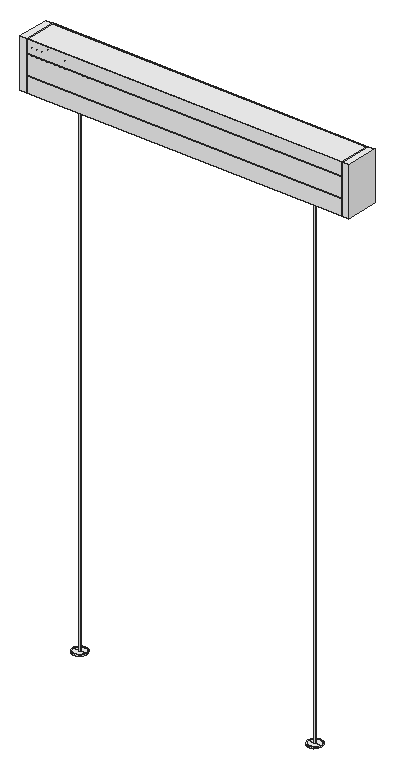
Revit family "2.3 inch  MAGIC WALL WASH LINEAR LIGHT", category Lighting Fixtures, host Face, Revit 2020 (continued)
Types (17): name | Wattage Comments | Wattage | Wall Mount | Suspenders Distance | Surface Mount | Recessed Mount | Photometric Web File | Pendent Mount | Order number | built-in parameter 1150142 | Model | built-in parameter 1150105 | Lumens | Light Source Height | Light Source Distance | built-in parameter 1150106 | Fixture Length
  MAG1223-SW1-RSM-WD-FDL | "20W/30W/40W" | 30.9677 W | no | 3' - 5" | no | yes | "MAG1223_SW1_FDL_DOWN100_4000K_wall_wash.IES" | no | "18380" | "IESNA:LM-63-2002\r\n[TEST] 1\r\n[TESTLAB] EVERFINE\r\n[TESTDATE] 2024-04-01\r\n[ISSUEDATE] 2024-04-01 13:34:23\r\n[NEARFIELD] \r\n[LAMPPOSITION] 0,0\r\n[OTHER] EVERFINE GO-2000B_V1 SYSTEM\r\n[MANUFAC] Aboveall lighting\r\n[LUMINAIRE] MAG1223-SW1-FDL DOWN100 4000K wall wash\r\n[OTHER] \r\n[OTHER] Gamma(deg)    Fz(lm)      Ft(lm)     %Lum    %Lamp\r\n[OTHER]   0- 10       167.95      167.95     3.72     3.72\r\n[OTHER]  10- 20       474.91      642.86    14.25    14.25\r\n[OTHER]  20- 30       707.42     1350.28    29.93    29.93\r\n[OTHER]  30- 40       842.39     2192.67    48.60    48.60\r\n[OTHER]  40- 50       840.60     3033.27    67.23    67.23\r\n[OTHER]  50- 60       688.20     3721.47    82.49    82.49\r\n[OTHER]  60- 70       459.05     4180.52    92.66    92.66\r\n[OTHER]  70- 80       234.51     4415.03    97.86    97.86\r\n[OTHER]  80- 90        72.72     4487.75    99.47    99.47\r\n[OTHER]  90-100         5.55     4493.30    99.59    99.59\r\n[OTHER] 100-110         3.22     4496.51    99.66    99.66\r\n[OTHER] 110-120         3.24     4499.76    99.74    99.74\r\n[OTHER] 120-130         3.07     4502.83    99.80    99.80\r\n[OTHER] 130-140         2.88     4505.71    99.87    99.87\r\n[OTHER] 140-150         2.49     4508.20    99.92    99.92\r\n[OTHER] 150-160         1.88     4510.09    99.97    99.97\r\n[OTHER] 160-170         1.17     4511.25    99.99    99.99\r\n[OTHER] 170-180         0.39     4511.65   100.00   100.00\r\n[OTHER] \r\nTILT=NONE\r\n1 -1 1 361 73 1 2 0.060 1.200 0.000\r\n1.000 1 40.2\r\n0.0    0.5    1.0    1.5    2.0    2.5    3.0    3.5    4.0    4.5    \r\n 5.0    5.5    6.0    6.5    7.0    7.5    8.0    8.5    9.0    9.5    \r\n 10.0   10.5   11.0   11.5   12.0   12.5   13.0   13.5   14.0   14.5   \r\n 15.0   15.5   16.0   16.5   17.0   17.5   18.0   18.5   19.0   19.5   \r\n 20.0   20.5   21.0   21.5   22.0   22.5   23.0   23.5   24.0   24.5   \r\n 25.0   25.5   26.0   26.5   27.0   27.5   28.0   28.5   29.0   29.5   \r\n 30.0   30.5   31.0   31.5   32.0   32.5   33.0   33.5   34.0   34.5   \r\n 35.0   35.5   36.0   36.5   37.0   37.5   38.0   38.5   39.0   39.5   \r\n 40.0   40.5   41.0   41.5   42.0   42.5   43.0   43.5   44.0   44.5   \r\n 45.0   45.5   46.0   46.5   47.0   47.5   48.0   48.5   49.0   49.5   \r\n 50.0   50.5   51.0   51.5   52.0   52.5   53.0   53.5   54.0   54.5   \r\n 55.0   55.5   56.0   56.5   57.0   57.5   58.0   58.5   59.0   59.5   \r\n 60.0   60.5   61.0   61.5   62.0   62.5   63.0   63.5   64.0   64.5   \r\n 65.0   65.5   66.0   66.5   67.0   67.5   68.0   68.5   69.0   69.5   \r\n 70.0   70.5   71.0   71.5   72.0   72.5   73.0   73.5   74.0   74.5   \r\n 75.0   75.5   76.0   76.5   77.0   77.5   78.0   78.5   79.0   79.5   \r\n 80.0   80.5   81.0   81.5   82.0   82.5   83.0   83.5   84.0   84.5   \r\n 85.0   85.5   86.0   86.5   87.0   87.5   88.0   88.5   89.0   89.5   \r\n 90.0   90.5   91.0   91.5   92.0   92.5   93.0   93.5   94.0   94.5   \r\n 95.0   95.5   96.0   96.5   97.0   97.5   98.0   98.5   99.0   99.5   \r\n 100.0  100.5  101.0  101.5  102.0  102.5  103.0  103.5  104.0  104.5  \r\n 105.0  105.5  106.0  106.5  107.0  107.5  108.0  108.5  109.0  109.5  \r\n 110.0  110.5  111.0  111.5  112.0  112.5  113.0  113.5  114.0  114.5  \r\n 115.0  115.5  116.0  116.5  117.0  117.5  118.0  118.5  119.0  119.5  \r\n 120.0  120.5  121.0  121.5  122.0  122.5  123.0  123.5  124.0  124.5  \r\n 125.0  125.5  126.0  126.5  127.0  127.5  128.0  128.5  129.0  129.5  \r\n 130.0  130.5  131.0  131.5  132.0  132.5  133.0  133.5  134.0  134.5  \r\n 135.0  135.5  136.0  136.5  137.0  137.5  138.0  138.5  139.0  139.5  \r\n 140.0  140.5  141.0  141.5  142.0  142.5  143.0  143.5  144.0  144.5  \r\n 145.0  145.5  146.0  146.5  147.0  147.5  148.0  148.5  149.0  149.5  \r\n 150.0  150.5  151.0  151.5  152.0  152.5  153.0  153.5  154.0  154.5  \r\n 155.0  155.5  156.0  156.5  157.0  157.5  158.0  158.5  159.0  159.5  \r\n 160.0  160.5  161.0  161.5  162.0  162.5  163.0  163.5  164.0  164.5  \r\n 165.0  165.5  166.0  166.5  167.0  167.5  168.0  168.5  169.0  169.5  \r\n 170.0  170.5  171.0  171.5  172.0  172.5  173.0  173.5  174.0  174.5  \r\n 175.0  175.5  176.0  176.5  177.0  177.5  178.0  178.5  179.0  179.5  \r\n 180.0  \r\n0.0    5.0    10.0   15.0   20.0   25.0   30.0   35.0   40.0   45.0   \r\n 50.0   55.0   60.0   65.0   70.0   75.0   80.0   85.0   90.0   95.0   \r\n 100.0  105.0  110.0  115.0  120.0  125.0  130.0  135.0  140.0  145.0  \r\n 150.0  155.0  160.0  165.0  170.0  175.0  180.0  185.0  190.0  195.0  \r\n 200.0  205.0  210.0  215.0  220.0  225.0  230.0  235.0  240.0  245.0  \r\n 250.0  255.0  260.0  265.0  270.0  275.0  280.0  285.0  290.0  295.0  \r\n 300.0  305.0  310.0  315.0  320.0  325.0  330.0  335.0  340.0  345.0  \r\n 350.0  355.0  360.0  \r\n1793.11  1790.13  1787.15  1784.17  1781.19  1778.20  1775.22  1772.24  1769.26  1766.28  \r\n 1763.30  1760.32  1757.34  1754.36  1751.38  1748.40  1745.42  1742.44  1739.46  1736.48  \r\n 1733.49  1730.51  1727.53  1724.55  1721.57  1718.59  1715.61  1712.63  1709.65  1706.67  \r\n 1703.69  1695.24  1686.79  1678.34  1669.89  1661.44  1652.99  1644.54  1636.08  1627.63  \r\n 1619.18  1610.73  1602.28  1593.83  1585.38  1576.93  1568.48  1560.03  1551.58  1543.13  \r\n 1534.68  1526.23  1517.78  1509.33  1500.88  1492.43  1483.98  1475.53  1467.08  1458.63  \r\n 1450.18  1437.66  1425.14  1412.62  1400.10  1387.59  1375.07  1362.55  1350.03  1337.51  \r\n 1324.99  1312.47  1299.96  1287.44  1274.92  1262.40  1249.88  1237.36  1224.85  1212.33  \r\n 1199.81  1187.29  1174.77  1162.25  1149.73  1137.22  1124.70  1112.18  1099.66  1087.14  \r\n 1074.62  1059.58  1044.53  1029.48  1014.43  999.38   984.34   969.29   954.24   939.19   \r\n 924.15   909.10   894.05   879.00   863.95   848.91   833.86   818.81   803.76   788.72   \r\n 773.67   758.62   743.57   728.52   713.48   698.43   683.38   668.33   653.28   638.24   \r\n 623.19   610.10   597.01   583.92   570.83   557.75   544.66   531.57   518.48   505.39   \r\n 492.30   479.21   466.12   453.03   439.95   426.86   413.77   400.68   387.59   374.50   \r\n 361.41   348.32   335.24   322.15   309.06   295.97   282.88   269.79   256.70   243.61   \r\n 230.53   222.94   215.36   207.77   200.19   192.60   185.02   177.43   169.85   162.26   \r\n 154.68   147.09   139.51   131.92   124.34   116.75   109.17   101.58   94.00    86.41    \r\n 78.83    71.24    63.66    56.07    48.49    40.91    33.32    25.74    18.15    10.57    \r\n 2.98     2.99     3.01     3.02     3.03     3.04     3.06     3.07     3.08     3.09     \r\n 3.11     3.12     3.13     3.14     3.16     3.17     3.18     3.19     3.21     3.22     \r\n 3.23     3.24     3.26     3.27     3.28     3.29     3.31     3.32     3.33     3.34     \r\n 3.36     3.40     3.44     3.47     3.51     3.55     3.59     3.63     3.67     3.71     \r\n 3.75     3.79     3.83     3.87     3.91     3.95     3.99     4.03     4.06     4.10     \r\n 4.14     4.18     4.22     4.26     4.30     4.34     4.38     4.42     4.46     4.50     \r\n 4.54     4.56     4.58     4.60     4.62     4.64     4.66     4.69     4.71     4.73     \r\n 4.75     4.77     4.79     4.81     4.83     4.86     4.88     4.90     4.92     4.94     \r\n 4.96     4.98     5.00     5.03     5.05     5.07     5.09     5.11     5.13     5.15     \r\n 5.17     5.16     5.16     5.15     5.14     5.13     5.12     5.11     5.10     5.10     \r\n 5.09     5.08     5.07     5.06     5.05     5.04     5.04     5.03     5.02     5.01     \r\n 5.00     4.99     4.98     4.97     4.97     4.96     4.95     4.94     4.93     4.92     \r\n 4.91     4.90     4.88     4.86     4.84     4.83     4.81     4.79     4.77     4.76     \r\n 4.74     4.72     4.70     4.69     4.67     4.65     4.63     4.62     4.60     4.58     \r\n 4.56     4.55     4.53     4.51     4.49     4.48     4.46     4.44     4.42     4.41     \r\n 4.39     4.39     4.38     4.38     4.37     4.37     4.36     4.36     4.36     4.35     \r\n 4.35     4.34     4.34     4.33     4.33     4.33     4.32     4.32     4.31     4.31     \r\n 4.30     4.30     4.30     4.29     4.29     4.28     4.28     4.27     4.27     4.27     \r\n 4.26     \r\n1793.11  1791.39  1789.66  1787.93  1786.20  1784.45  1782.71  1780.96  1779.20  1777.43  \r\n 1775.67  1773.89  1772.11  1770.32  1768.53  1766.73  1764.92  1763.11  1761.29  1759.47  \r\n 1757.63  1755.79  1753.95  1752.09  1750.19  1748.29  1746.38  1744.46  1742.55  1740.63  \r\n 1738.71  1731.96  1724.60  1717.23  1709.85  1702.45  1695.04  1687.61  1680.17  1672.71  \r\n 1665.24  1657.76  1650.26  1642.75  1635.22  1627.68  1620.12  1612.55  1605.00  1597.45  \r\n 1589.90  1582.34  1574.78  1567.22  1559.65  1552.08  1544.51  1536.93  1529.35  1521.76  \r\n 1514.17  1503.03  1491.05  1479.05  1467.03  1454.98  1442.93  1430.85  1418.75  1406.63  \r\n 1394.50  1382.35  1370.17  1357.98  1345.76  1333.48  1321.18  1308.87  1296.55  1284.23  \r\n 1271.89  1259.54  1247.18  1234.81  1222.43  1210.04  1197.64  1185.22  1172.80  1160.37  \r\n 1147.92  1133.26  1117.95  1102.63  1087.29  1071.93  1056.55  1041.16  1025.74  1010.31  \r\n 994.86   979.39   963.90   948.39   932.87   917.33   901.77   886.18   870.55   854.90   \r\n 839.23   823.55   807.85   792.13   776.39   760.64   744.86   729.08   713.27   697.45   \r\n 681.61   667.20   653.12   639.02   624.90   610.77   596.63   582.47   568.31   554.13   \r\n 539.93   525.73   511.51   497.28   483.04   468.79   454.52   440.25   425.96   411.67   \r\n 397.36   383.05   368.72   354.39   340.04   325.69   311.33   296.96   282.58   268.20   \r\n 253.80   244.91   236.69   228.46   220.23   211.99   203.75   195.50   187.25   179.00   \r\n 170.74   162.48   154.21   145.95   137.68   129.40   121.13   112.85   104.57   96.28    \r\n 88.00    79.71    71.42    63.13    54.84    46.55    38.26    29.96    21.67    13.37    \r\n 5.07     5.02     4.97     4.92     4.87     4.82     4.77     4.72     4.67     4.61     \r\n 4.56     4.51     4.46     4.41     4.35     4.30     4.25     4.20     4.15     4.10     \r\n 4.04     3.99     3.94     3.89     3.84     3.79     3.74     3.69     3.64     3.59     \r\n 3.54     3.58     3.61     3.64     3.67     3.70     3.73     3.77     3.80     3.83     \r\n 3.86     3.90     3.93     3.96     3.99     4.02     4.06     4.09     4.12     4.15     \r\n 4.19     4.22     4.25     4.29     4.32     4.35     4.39     4.42     4.45     4.49     \r\n 4.52     4.53     4.54     4.55     4.56     4.57     4.59     4.60     4.61     4.62     \r\n 4.64     4.65     4.66     4.67     4.69     4.70     4.72     4.73     4.75     4.76     \r\n 4.77     4.79     4.80     4.82     4.83     4.85     4.86     4.88     4.90     4.91     \r\n 4.92     4.91     4.90     4.88     4.87     4.86     4.85     4.84     4.82     4.81     \r\n 4.80     4.79     4.78     4.77     4.75     4.74     4.73     4.72     4.71     4.70     \r\n 4.69     4.68     4.67     4.66     4.65     4.64     4.63     4.62     4.61     4.60     \r\n 4.59     4.57     4.56     4.54     4.53     4.51     4.50     4.49     4.47     4.46     \r\n 4.44     4.43     4.41     4.40     4.39     4.37     4.36     4.35     4.34     4.33     \r\n 4.31     4.30     4.29     4.28     4.27     4.26     4.25     4.24     4.23     4.22     \r\n 4.21     4.21     4.21     4.21     4.22     4.22     4.22     4.22     4.22     4.23     \r\n 4.23     4.23     4.23     4.23     4.23     4.23     4.24     4.24     4.24     4.24     \r\n 4.24     4.24     4.25     4.25     4.25     4.25     4.25     4.26     4.26     4.26     \r\n 4.26     \r\n1793.11  1792.66  1792.20  1791.74  1791.26  1790.77  1790.27  1789.76  1789.24  1788.71  \r\n 1788.17  1787.61  1786.98  1786.26  1785.54  1784.81  1784.08  1783.35  1782.62  1781.88  \r\n 1781.13  1780.39  1779.63  1778.87  1778.00  1777.11  1776.20  1775.29  1774.38  1773.46  \r\n 1772.54  1768.57  1762.20  1755.82  1749.44  1743.05  1736.55  1730.02  1723.48  1716.91  \r\n 1710.33  1703.74  1697.12  1690.49  1683.83  1677.16  1670.48  1663.77  1656.99  1650.17  \r\n 1643.32  1636.45  1629.56  1622.64  1615.71  1608.75  1601.77  1594.77  1587.74  1580.70  \r\n 1573.63  1565.48  1553.96  1542.40  1530.83  1519.22  1507.60  1495.94  1484.27  1472.56  \r\n 1460.84  1449.08  1437.30  1425.50  1413.67  1401.76  1389.82  1377.86  1365.87  1353.86  \r\n 1341.83  1329.77  1317.69  1305.59  1293.46  1281.31  1269.14  1256.95  1244.73  1232.48  \r\n 1220.21  1207.51  1191.88  1176.22  1160.53  1144.79  1129.02  1113.21  1097.37  1081.49  \r\n 1065.58  1049.63  1033.64  1017.62  1001.57  985.48   969.36   953.21   937.02   920.81   \r\n 904.57   888.31   872.02   855.71   839.36   823.00   806.60   790.19   773.74   757.28   \r\n 740.79   724.65   709.65   694.62   679.56   664.45   649.32   634.14   618.94   603.68   \r\n 588.37   573.02   557.65   542.25   526.82   511.36   495.87   480.36   464.82   449.26   \r\n 433.67   418.06   402.43   386.77   371.09   355.39   339.67   323.93   308.17   292.40   \r\n 276.60   264.74   255.91   247.09   238.26   229.42   220.58   211.74   202.90   194.05   \r\n 185.20   176.34   167.49   158.63   149.77   140.90   132.04   123.17   114.30   105.43   \r\n 96.56    87.68    78.80    69.93    61.05    52.17    43.28    34.40    25.52    16.63    \r\n 7.75     7.61     7.47     7.33     7.20     7.06     6.92     6.78     6.64     6.50     \r\n 6.36     6.22     6.08     5.94     5.80     5.66     5.52     5.38     5.24     5.10     \r\n 4.96     4.83     4.69     4.55     4.42     4.28     4.15     4.01     3.88     3.75     \r\n 3.69     3.72     3.76     3.79     3.83     3.87     3.90     3.94     3.97     4.01     \r\n 4.04     4.08     4.11     4.15     4.18     4.22     4.25     4.29     4.32     4.35     \r\n 4.39     4.42     4.46     4.49     4.53     4.56     4.60     4.63     4.67     4.70     \r\n 4.71     4.72     4.72     4.73     4.73     4.73     4.74     4.74     4.75     4.75     \r\n 4.76     4.76     4.76     4.77     4.77     4.78     4.78     4.78     4.79     4.79     \r\n 4.80     4.80     4.81     4.81     4.81     4.82     4.82     4.83     4.84     4.84     \r\n 4.82     4.81     4.79     4.77     4.75     4.73     4.71     4.70     4.68     4.66     \r\n 4.65     4.63     4.62     4.60     4.59     4.57     4.56     4.54     4.53     4.52     \r\n 4.50     4.49     4.48     4.47     4.46     4.45     4.43     4.42     4.41     4.40     \r\n 4.39     4.38     4.36     4.35     4.34     4.33     4.31     4.30     4.29     4.28     \r\n 4.26     4.25     4.24     4.23     4.21     4.20     4.19     4.18     4.16     4.15     \r\n 4.14     4.13     4.12     4.11     4.09     4.08     4.07     4.06     4.05     4.04     \r\n 4.04     4.05     4.05     4.06     4.06     4.06     4.07     4.07     4.08     4.09     \r\n 4.10     4.11     4.12     4.13     4.13     4.14     4.15     4.16     4.17     4.17     \r\n 4.18     4.19     4.20     4.20     4.21     4.22     4.23     4.24     4.24     4.25     \r\n 4.26     \r\n1793.11  1793.94  1794.75  1795.55  1796.34  1797.11  1797.86  1798.60  1799.26  1799.73  \r\n 1800.19  1800.65  1801.11  1801.56  1802.01  1802.45  1802.79  1803.02  1803.25  1803.47  \r\n 1803.68  1803.89  1804.10  1804.30  1804.39  1804.43  1804.47  1804.51  1804.54  1804.57  \r\n 1804.60  1804.62  1799.20  1793.68  1788.13  1782.55  1776.93  1771.29  1765.62  1759.91  \r\n 1754.07  1748.15  1742.21  1736.26  1730.29  1724.29  1718.28  1712.25  1706.16  1699.97  \r\n 1693.76  1687.53  1681.28  1675.01  1668.72  1662.41  1656.09  1649.68  1643.25  1636.79  \r\n 1630.31  1623.82  1616.10  1605.04  1593.95  1582.82  1571.46  1560.07  1548.65  1537.21  \r\n 1525.74  1514.25  1502.73  1491.19  1479.62  1468.08  1456.53  1444.94  1433.30  1421.61  \r\n 1409.88  1398.09  1386.27  1374.40  1362.48  1350.38  1338.20  1326.01  1313.80  1301.56  \r\n 1289.31  1277.03  1264.68  1248.72  1232.71  1216.65  1200.57  1184.44  1168.26  1152.04  \r\n 1135.76  1119.44  1103.07  1086.66  1070.20  1053.69 
